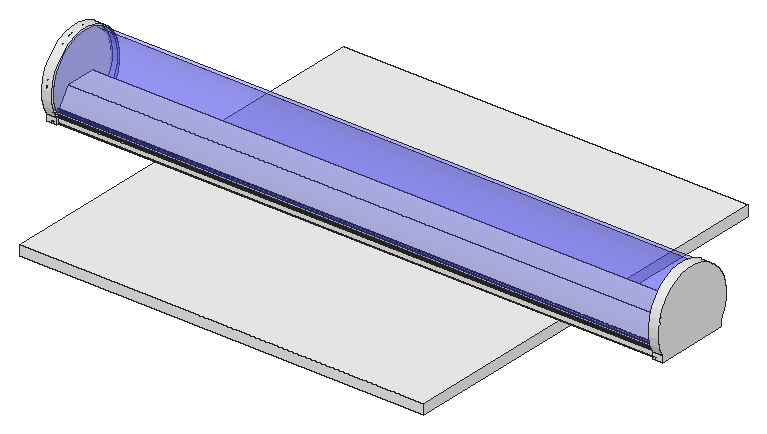
Revit family "BE_50215.1_de_DE", category Leuchten, Revit 2015
Parameters (values of type "BEGA_50215.1_K4")
  built-in parameter 1150104 = 13.146 (stored number, unit not read)
  Wattage = 23.6 W
  Default Elevation = 0 mm
  built-in parameter 1150113 = 1 (stored number, unit not read)
  built-in parameter 1114218 = 1 (stored number, unit not read)
  Umgebungstemperatur = "25 °C"
  URL = "http://www.bega.de/produkt/50215.1"
  Typenkommentare = "© 2017 BEGA. Wir behalten uns das Recht vor, technische Änderungen ohne vorherige Ankündigung vorzunehmen."  # constant formula
  built-in parameter 1150134 = 12
  built-in parameter 1150109 = 1 (stored number, unit not read)
  Strom = ""
  built-in parameter 1150110 = 1 (stored number, unit not read)
  Spannung = 239.996 V
  Sonderanfertigung = no
  Seriennummer [instance] = "Hier können Sie die eindeutige Seriennummer für das Facility Management eintragen."
  Schutzklasse = "I"
  Schutzart = ""
  Scheinlast = 0 VA
  Produktdatenblatt = "http://www.bega.de/download/Xrfa/db/50215.1.db.de.pdf"
  Oberflächentemperatur = ""
  Neigungswinkel = 0.00°
  Modell = "50215.1K4"
  Material_17 = BEGA_Reflektor
  Material_15 = BEGA_Leuchtmedium_matt
  Material_14 = BEGA_Kunststoff_opal
  Material_11 = BEGA_Glas_opal
  Material_09 = BEGA_Glas_klar
  Material_06 = BEGA_Oberfläche_Edelstahl_gebürstet
  Material_05 = BEGA_Oberfläche_Aluminium Guss
  Material_03 = BEGA_Oberfläche_Weiss_matt
  Material_02 = BEGA_Oberfläche_Silber_matt
  Material_01 [instance] = BEGA_Oberfläche_Grafit_matt
  M_W = no
  M_G = no
  M_A = no
  Logo = 0
  built-in parameter 1114217 = 1 (stored number, unit not read)
  built-in parameter 1150139 = (empty or 0)
  built-in parameter 1150105 = 265.74 (stored number, unit not read)
  built-in parameter 1150114 = 1 (stored number, unit not read)
  Lumens = 3339.4 lm
  built-in parameter 1150115 = 1 (stored number, unit not read)
  Leuchtenlichtstrom = "2379 lm"
  Leuchtenanzahl = ""
  Lebensdauerkriterien = "L70B50 @ 25 °C = 357000 h"
  Lastklassifizierung = Beleuchtung
  built-in parameter 1150112 = 1 (stored number, unit not read)
  Lampenlichtstrom = "3340 lm"
  Lampe = "LED 23.6 W"
  LED_Modulbezeichnung = "4x LED-0627/940 "
  Hersteller = "BEGA"  # constant formula
  Halbstreuwinkel = ""
  Gewicht = "1.7 kg"
  Gebrauchslageneinschränkung [instance] = ""
  Frequenz = "0/50-60 Hz"
  Farbwiedergabeindex = "Ra > 90"
  Farbtemperaturverschiebung bei Dämpfen der Lampe = <Keine Auswahl>
  Farbtemperatur = "4000 K"
  Color Filter = 16777215
  built-in parameter 1150133 = 10 (stored number, unit not read)
  Energieeffizienzklasse = "LED A++ - A"
  built-in parameter 1150137 = (empty or 0)
  built-in parameter 1150132 = (empty or 0)
  ENEC = ""
  Dimmbar [instance] = "DALI"
  Datei für fotometrisches Netz = "BE_50215K4_PRE.IES"
  CE_Konformität = "ja"
  Bestellnummer = "50215.1K4"
  Beschreibung_Sonderanfertigung = "Hier können Sie Informationen zur Sonderanfertigung eintragen."
  Beschreibung = "Decken- und Wandleuchte"
  built-in parameter 1150106 = 2.6574 (stored number, unit not read)
  Befestigungsbohrung = "Ø 5,5 mm"
  Befestigungsabstand = "500 mm"
  Ballwurfsicher = ""
  BEGA_Intern_aus = yes
  BEGA_Intern_an = yes
  BEGA_Intern_Konstruktion = yes
  BEGA_Intern = yes
  BEGA_IES = yes
  BEGA_Dummy = no
  Anschlussleitung = ""
  Anschlussleistung [instance] = "27 W"
  Anschlusskasten = ""
  built-in parameter 1150107 = 4000 (stored number, unit not read)
  built-in parameter 1150102 = (empty or 0)
  built-in parameter 1150138 = (empty or 0)
  Aktualisierung = "2017-09-29T04:10:01"
  Abstand_zur_angestrahlten_Fläche [instance] = ""
  AC/DC = "AC/DC"
Types (2, lengths in mm): name | built-in parameter 1150104 | built-in parameter 1150134 | Modell | built-in parameter 1150105 | Lumens | Leuchtenlichtstrom | Lampenlichtstrom | LED_Modulbezeichnung | Farbtemperatur | Datei für fotometrisches Netz | Bestellnummer | built-in parameter 1150106 | built-in parameter 1150107
  BEGA_50215.1_K4 | 13.146 (stored number, unit not read) | 12 | "50215.1K4" | 265.74 (stored number, unit not read) | 3339.4 lm | "2379 lm" | "3340 lm" | "4x LED-0627/940 " | "4000 K" | "BE_50215K4_PRE.IES" | "50215.1K4" | 2.6574 (stored number, unit not read) | 4000 (stored number, unit not read)
  BEGA_50215.1_K3 | 12.672 (stored number, unit not read) | (empty or 0) | "50215.1" | 256.16 (stored number, unit not read) | 3219.04 lm | "2293 lm" | "3220 lm" | "4x LED-0627/930 " | "3000 K" | "BE_50215_PRE.IES" | "50215.1" | 2.5616 (stored number, unit not read) | 3000 (stored number, unit not read)
Reference planes
  plane 1 "Mitte (Vorne/Hinten)": y = 0
  plane 2: z = 0
  plane 3 "Mitte (Links/Rechts)": x = 0
  plane 4 "Links": x = -304.8
  plane 5 "Rechts": x = 305
  plane 6 "Unten": y = -41.921
  plane 7 "Oben": y = 41.921
  plane 8 "Vorne": z = 71.071
  plane 9 "Hinten": z = 0
Forms (mm)
  Extrusion 1, solid, material "BEGA_Platte_Weiss"
    sketch origin (0, -1119.2, 0) x (1, 0, 0) y (0, 1, 0)
      loop
        line (-200, 1319.2) -> (-200, 919.2) -> (200, 919.2) -> (200, 1319.2) -> (-200, 1319.2)
    from 0 to -10
  Extrusion 2, solid, material "BEGA_Dummy_matt", visible <- "BEGA_Dummy"
    sketch origin (80.095, -76.023, 0) x (1, 0, 0) y (0, 1, 0)
      loop
        line (-384.895, 117.944) -> (-384.895, 34.102) -> (224.905, 34.102) -> (224.905, 117.944) -> (-384.895, 117.944)
    from 0 to 71.071
Dimensions and locks
  plane 1 "Mitte (Vorne/Hinten)" to Extrusion 1 = 200 mm
  aligned and locked: plane 2 to Extrusion 1
  aligned and locked: level to Extrusion 1
Nested families
  nested 1: "BE_50215.1" at (0, 0, 0), type "BE_50215.1"
Connectors
  electrical at (0, 0, 0), driven by "Lastklassifizierung", driven by "Spannung", driven by "Scheinlast"
    settings: index 1, voltage 239.996 V, apparent load 0 VA, apparent load phase1 0 VA, apparent load phase2 0 VA, apparent load phase3 0 VA, power factor 1, load classification "Beleuchtung", number of poles 1, system type 31, power factor state 1, is connector primary yes, connector utility no, sub classification motor no, connector description ""
Definition of nested family "BE_50215.1"
  Parameters (values of type "BE_50215.1")
    Default Elevation = 1 mm
    URL = "http://www.bega.de/de/produkt"
    Type Comments = "© 2015 BEGA. Wir behalten uns das Recht vor, technische Änderungen ohne vorherige Ankündigung vorzunehmen. "  # constant formula
    Type Image = (empty or 0)
    Neigungswinkel_um_Z2 = 0.00°
    Neigungswinkel_um_Z1 = 0.00°
    Neigungswinkel_um_Y2 = 0.00°
    Neigungswinkel_um_Y1 = 0.00°
    Neigungswinkel_um_X2 = 0.00°
    Neigungswinkel_um_X1 = 0.00°
    Material_17 = none
    Material_15 = none
    Material_14 = none
    Material_11 = none
    Material_09 = none
    Material_06 = none
    Material_05 = none
    Material_03 = none
    Material_02 = none
    Material_01 = none
    M_W = yes
    M_G = yes
    M_A = yes
    Länge_Platte = 800 mm  # constant formula
    Höhe_Platte = -10 mm  # constant formula
    Manufacturer = "BEGA"  # constant formula
    Drehwinkel_um_Z2 = 0.00°
    Drehwinkel_um_Z1 = 0.00°
    Breite_Platte = 200 mm  # constant formula
  Reference planes
    plane 1 "Mitte (Oben/Unten)": y = 0
    plane 2: z = 0
    plane 3 "Mitte (Links/Rechts)": x = 0
    plane 4: x = -305
    plane 5: z = 71.071
    plane 6: y = 41.921
    plane 7: y = -41.921
    plane 8: x = 305
  Forms (mm)
    Extrusion 1, solid, detail levels medium
      sketch origin (0, 0, 0) x (1, 0, 0) y (0, 1, 0)
        loop
          line (-400, 100) -> (-400, -100) -> (400, -100) -> (400, 100) -> (-400, 100)
      from 0 to -10 <- "Höhe_Platte"
    Extrusion 2, solid, material <- "Material_03", detail levels medium+fine
      sketch origin (0, 0, 0) x (0, 1, 0) y (0, 0, 1)
        loop
          line (29.5, 1.05) -> (33.5, 1.05)
          arc (33.5, 1.05) -> (33.854, 1.196) -> (34, 1.55) r 0.5
          line (34, 1.55) -> (34.005, 6.55)
          arc (34.005, 6.55) -> (33.854, 6.904) -> (33.5, 7.05) r 0.5
          line (33.5, 7.05) -> (26.25, 7.05) -> (26.25, 9.05) -> (14.75, 25.75) -> (-14.75, 25.75) -> (-26.25, 9.05) -> (-26.25, 7.05) -> (-33.5, 7.05)
          arc (-33.5, 7.05) -> (-33.854, 6.904) -> (-34, 6.55) r 0.5
          line (-34, 6.55) -> (-34.005, 1.55)
          arc (-34.005, 1.55) -> (-33.854, 1.196) -> (-33.5, 1.05) r 0.5
          line (-33.5, 1.05) -> (-29.5, 1.05)
          arc (-29.5, 1.05) -> (-29.146, 1.196) -> (-29, 1.55) r 0.5
          line (-29, 1.55) -> (-29, 3.75) -> (-15.25, 3.75) -> (-15.25, 17.45) -> (15.25, 17.45) -> (15.25, 3.75) -> (29, 3.75) -> (29, 1.55)
          arc (29, 1.55) -> (29.146, 1.196) -> (29.5, 1.05) r 0.5
      from -302.555 to 301.52
    Extrusion 3, solid, material <- "Material_03", detail levels medium+fine
      sketch origin (0, 0, 0) x (0, 1, 0) y (0, 0, 1)
        loop
          line (35.921, 1.279) -> (35.921, 7.539)
          arc (35.921, 7.539) -> (0, 71.071) -> (-35.921, 7.539) r 41.921
          line (-35.921, 7.539) -> (-35.921, 1.281) -> (35.921, 1.279)
      from 295.131 to 305
    Extrusion 4, void
      sketch origin (0, 0, 0) x (0, 1, 0) y (0, 0, 1)
        loop
          line (34.005, 0) -> (34.005, 8.308)
          arc (34.005, 8.308) -> (0, 69.951) -> (-34.005, 8.308) r 40.201
          line (-34.005, 8.308) -> (-34.005, 0) -> (34.005, 0)
      from 293.13 to 301.52
    Extrusion 5, solid, material <- "Material_03", detail levels medium+fine
      sketch origin (0, 0, 0) x (0, 1, 0) y (0, 0, -1)
        loop
          line (35.921, -1.279) -> (-35.921, -1.281) -> (-35.921, -7.539)
          arc (-35.921, -7.539) -> (0, -71.071) -> (35.921, -7.539) r 41.921
          line (35.921, -7.539) -> (35.921, -1.279)
      from 295.131 to 305
    Extrusion 6, void
      sketch origin (0, 0, 0) x (0, 1, 0) y (0, 0, -1)
        loop
          line (34.005, 0) -> (-34.005, 0) -> (-34.005, -8.308)
          arc (-34.005, -8.308) -> (0, -69.951) -> (34.005, -8.308) r 40.201
          line (34.005, -8.308) -> (34.005, 0)
      from 293.13 to 300.697
    Extrusion 7, solid, material <- "Material_14", detail levels medium+fine
      sketch origin (0, 0, 0) x (0, 1, 0) y (0, 0, 1)
        loop
          arc (-34.253, 8.991) -> (-33.161, 7.935) -> (-31.69, 7.55) r 3
          line (-31.69, 7.55) -> (-28.25, 7.55)
          arc (-28.25, 7.55) -> (-27.25, 8.55) -> (-28.25, 9.55) r 1
          line (-28.25, 9.55) -> (-31.69, 9.55)
          arc (-31.69, 9.55) -> (-32.179, 9.678) -> (-32.543, 10.028) r 1
          arc (-32.543, 10.028) -> (0, 67.648) -> (32.543, 10.028) r 38
          arc (32.543, 10.028) -> (32.179, 9.678) -> (31.69, 9.55) r 1
          line (31.69, 9.55) -> (28.25, 9.55)
          arc (28.25, 9.55) -> (27.25, 8.55) -> (28.25, 7.55) r 1
          line (28.25, 7.55) -> (31.69, 7.55)
          arc (31.69, 7.55) -> (33.161, 7.935) -> (34.253, 8.991) r 3
          arc (34.253, 8.991) -> (0, 69.648) -> (-34.253, 8.991) r 40
      from -300.697 to 302
    Extrusion 8, solid, material <- "Material_05", detail levels medium+fine
      sketch origin (0, 0, 0) x (1, 0, 0) y (0, 1, 0)
        loop
          arc (-263, 28.5) -> (-264.414, 27.914) -> (-265, 26.5) r 2
          line (-265, 26.5) -> (-265, -26.5)
          arc (-265, -26.5) -> (-264.414, -27.914) -> (-263, -28.5) r 2
          line (-263, -28.5) -> (-237, -28.5)
          arc (-237, -28.5) -> (-235.586, -27.914) -> (-235, -26.5) r 2
          line (-235, -26.5) -> (-235, 26.5)
          arc (-235, 26.5) -> (-235.586, 27.914) -> (-237, 28.5) r 2
          line (-237, 28.5) -> (-263, 28.5)
        loop
          line (263, 28.5) -> (237, 28.5)
          arc (237, 28.5) -> (235.586, 27.914) -> (235, 26.5) r 2
          line (235, 26.5) -> (235, -26.5)
          arc (235, -26.5) -> (235.586, -27.914) -> (237, -28.5) r 2
          line (237, -28.5) -> (263, -28.5)
          arc (263, -28.5) -> (264.414, -27.914) -> (265, -26.5) r 2
          line (265, -26.5) -> (265, 26.5)
          arc (265, 26.5) -> (264.414, 27.914) -> (263, 28.5) r 2
      from 1.55 to 5
    Extrusion 9, solid, material <- "Material_05", detail levels medium+fine
      sketch origin (0, 0, 0) x (1, 0, 0) y (0, 1, 0)
        loop
          circle (-260.5, 24) r 2
        loop
          circle (-260.5, -24) r 2
        loop
          circle (-239.5, -24) r 2
        loop
          circle (-239.5, 24) r 2
        loop
          circle (260.5, 24) r 2
        loop
          circle (239.5, 24) r 2
        loop
          circle (239.5, -24) r 2
        loop
          circle (260.5, -24) r 2
      from 0 to 3.55
    Extrusion 10, void
      sketch origin (0, 0, 0) x (1, 0, 0) y (0, 1, 0)
        loop
          arc (252.75, 3.25) -> (250, 6) -> (247.25, 3.25) r 2.75
          line (247.25, 3.25) -> (247.25, -3.25)
          arc (247.25, -3.25) -> (250, -6) -> (252.75, -3.25) r 2.75
          line (252.75, -3.25) -> (252.75, 3.25)
        loop
          arc (-246.75, -2.75) -> (-244, 0) -> (-246.75, 2.75) r 2.75
          line (-246.75, 2.75) -> (-253.25, 2.75)
          arc (-253.25, 2.75) -> (-256, 0) -> (-253.25, -2.75) r 2.75
          line (-253.25, -2.75) -> (-246.75, -2.75)
      from 0 to 7
    Revolve 11, void
      sketch origin (0, 0, 0) x (1, 0, 0) y (0, 0, 1)
        loop
          line (-301.574, 32.424) -> (-305.595, 36.445) -> (-305.595, 29.75) -> (-301.574, 29.75) -> (-301.574, 32.424)
        axis (-301.574, 29.75) -> (-305.595, 29.75)
      angle from 0 to 360
    Revolve 12, solid, material <- "Material_06", detail levels fine
      sketch origin (0, 0, 0) x (1, 0, 0) y (0, 0, 1)
        loop
          line (-304.674, 29.75) -> (-301.574, 29.75) -> (-301.574, 32) -> (-304.674, 35.1) -> (-304.674, 29.75)
        axis (-301.574, 29.75) -> (-304.674, 29.75)
      angle from 0 to 360
  Cuts and joins
    Extrusion 4, Extrusion 6 cuts Extrusion 3
    Extrusion 6, Revolve 11 cuts Extrusion 5
    joined: Extrusion 3, Extrusion 5
    Extrusion 10 cuts Extrusion 8
    Extrusion 10 cuts Extrusion 9
    joined: Extrusion 8, Extrusion 9
    Extrusion 10, Revolve 11 cuts Extrusion 2
    Extrusion 10 cuts Extrusion 7
  Dimensions and locks
    equal spacing: Extrusion 1 sketch curve, plane 3 "Mitte (Links/Rechts)", Extrusion 1 sketch curve
    equal spacing: Extrusion 1 sketch curve, plane 1 "Mitte (Oben/Unten)", Extrusion 1 sketch curve
    "Länge_Platte": Extrusion 1 sketch curve to Extrusion 1 sketch curve
    "Breite_Platte": Extrusion 1 sketch curve to Extrusion 1 sketch curve
    aligned and locked: Extrusion 1 to plane 2
    aligned and locked: level to Extrusion 1
  Automatic sketch dimensions
    level to Extrusion 2 sketch curve = 1.55 mm  (x2)
    plane 1 "Mitte (Oben/Unten)" to Extrusion 2 sketch curve = 33.5 mm
    Extrusion 2 sketch curve to Extrusion 2 sketch curve = 0 mm  (x5)
    level to Extrusion 2 sketch curve = 1.05 mm
    Extrusion 2 sketch curve to Extrusion 2 sketch curve = 4 mm  (x2)
    Extrusion 2 sketch curve to Extrusion 2 sketch curve = 0.5 mm  (x6)
    level to Extrusion 2 sketch curve = 9.05 mm  (x2)
    Extrusion 2 sketch curve to Extrusion 2 sketch curve = 2.75 mm  (x2)
    Extrusion 2 sketch curve to Extrusion 2 sketch curve = 11 mm  (x2)
    Extrusion 2 sketch curve to plane 1 "Mitte (Oben/Unten)" = 14.75 mm
    Extrusion 2 sketch curve to Extrusion 2 sketch curve = 4.5 mm
    Extrusion 2 sketch curve to Extrusion 2 sketch curve = 2.2 mm  (x2)
    Extrusion 2 sketch curve to Extrusion 2 sketch curve = 5 mm  (x2)
    Extrusion 2 sketch curve to Extrusion 2 sketch curve = 2 mm
    Extrusion 2 sketch curve to Extrusion 2 sketch curve = 13.7 mm
    Extrusion 2 sketch curve to Extrusion 2 sketch curve = 8.3 mm
    Extrusion 2 sketch curve to Extrusion 2 sketch curve = 0.005 mm  (x2)
    Extrusion 3 sketch curve to plane 1 "Mitte (Oben/Unten)" = 0 mm
    level to Extrusion 3 sketch curve = 1.281 mm
    plane 1 "Mitte (Oben/Unten)" to Extrusion 3 sketch curve = 35.921 mm
    level to Extrusion 3 sketch curve = 1.279 mm
    Extrusion 3 sketch curve to plane 1 "Mitte (Oben/Unten)" = 35.921 mm
    Extrusion 3 sketch curve to Extrusion 3 sketch curve = 6.26 mm
    level to Extrusion 3 sketch curve = 29.15 mm
    Extrusion 4 sketch curve to level = 0 mm
    Extrusion 4 sketch curve to plane 1 "Mitte (Oben/Unten)" = 0 mm
    level to Extrusion 4 sketch curve = 8.308 mm
    plane 1 "Mitte (Oben/Unten)" to Extrusion 4 sketch curve = 34.005 mm
    Extrusion 4 sketch curve to plane 1 "Mitte (Oben/Unten)" = 34.005 mm
    level to Extrusion 4 sketch curve = 29.75 mm
    Extrusion 5 sketch curve to plane 1 "Mitte (Oben/Unten)" = 0 mm
    level to Extrusion 5 sketch curve = 1.281 mm
    plane 1 "Mitte (Oben/Unten)" to Extrusion 5 sketch curve = 35.921 mm
    level to Extrusion 5 sketch curve = 1.279 mm
    Extrusion 5 sketch curve to plane 1 "Mitte (Oben/Unten)" = 35.921 mm
    Extrusion 5 sketch curve to Extrusion 5 sketch curve = 6.26 mm
    level to Extrusion 5 sketch curve = 29.15 mm
    Extrusion 6 sketch curve to level = 0 mm
    Extrusion 6 sketch curve to plane 1 "Mitte (Oben/Unten)" = 0 mm
    level to Extrusion 6 sketch curve = 8.308 mm
    plane 1 "Mitte (Oben/Unten)" to Extrusion 6 sketch curve = 34.005 mm
    Extrusion 6 sketch curve to plane 1 "Mitte (Oben/Unten)" = 34.005 mm
    level to Extrusion 6 sketch curve = 29.75 mm
    Extrusion 7 sketch curve to Extrusion 7 sketch curve = 0 mm  (x6)
    Extrusion 7 sketch curve to plane 1 "Mitte (Oben/Unten)" = 0 mm
    level to Extrusion 7 sketch curve = 9.55 mm
    plane 1 "Mitte (Oben/Unten)" to Extrusion 7 sketch curve = 28.25 mm
    Extrusion 7 sketch curve to Extrusion 7 sketch curve = 3.44 mm  (x2)
    level to Extrusion 7 sketch curve = 8.55 mm
    Extrusion 7 sketch curve to plane 1 "Mitte (Oben/Unten)" = 28.25 mm
    Extrusion 7 sketch curve to Extrusion 7 sketch curve = 1 mm  (x4)
    level to Extrusion 7 sketch curve = 29.648 mm
    Extrusion 7 sketch curve to Extrusion 7 sketch curve = 0.853 mm
    Extrusion 7 sketch curve to Extrusion 7 sketch curve = 1.71 mm
    Extrusion 8 sketch curve to plane 1 "Mitte (Oben/Unten)" = 26.5 mm  (x2)
    Extrusion 8 sketch curve to Extrusion 8 sketch curve = 2 mm  (x6)
    Extrusion 8 sketch curve to Extrusion 8 sketch curve = 26 mm  (x4)
    plane 1 "Mitte (Oben/Unten)" to Extrusion 8 sketch curve = 26.5 mm
    plane 3 "Mitte (Links/Rechts)" to Extrusion 8 sketch curve = 235 mm
    plane 1 "Mitte (Oben/Unten)" to Extrusion 8 sketch curve = 28.5 mm
    Extrusion 8 sketch curve to plane 3 "Mitte (Links/Rechts)" = 235 mm
    plane 3 "Mitte (Links/Rechts)" to Extrusion 10 sketch curve = 247.25 mm
    Extrusion 10 sketch curve to Extrusion 10 sketch curve = 2.75 mm  (x2)
    Extrusion 10 sketch curve to plane 1 "Mitte (Oben/Unten)" = 3.25 mm
    Extrusion 10 sketch curve to Extrusion 10 sketch curve = 6.5 mm  (x2)
    Extrusion 10 sketch curve to plane 3 "Mitte (Links/Rechts)" = 246.75 mm
    plane 1 "Mitte (Oben/Unten)" to Extrusion 10 sketch curve = 2.75 mm
    Extrusion 10 sketch curve to Extrusion 10 sketch curve = 0 mm  (x2)
    level to Revolve 11 sketch curve = 36.445 mm
    Revolve 11 sketch curve to plane 3 "Mitte (Links/Rechts)" = 305.595 mm
    Revolve 11 sketch curve to Revolve 11 sketch curve = 4.02 mm  (x2)
    Revolve 11 sketch curve to Revolve 11 sketch curve = 2.674 mm
    Revolve 11 sketch curve to Revolve 11 sketch curve = 0.742 mm
    Revolve 11 sketch curve to Revolve 11 sketch curve = 0 mm  (x2)
    level to Revolve 12 sketch curve = 35.1 mm
    Revolve 12 sketch curve to plane 3 "Mitte (Links/Rechts)" = 304.674 mm
    Revolve 12 sketch curve to Revolve 12 sketch curve = 3.1 mm  (x2)
    Revolve 12 sketch curve to Revolve 12 sketch curve = 2.25 mm
    Revolve 12 sketch curve to Revolve 12 sketch curve = 1.773 mm
    Revolve 12 sketch curve to Revolve 12 sketch curve = 0 mm  (x2)
